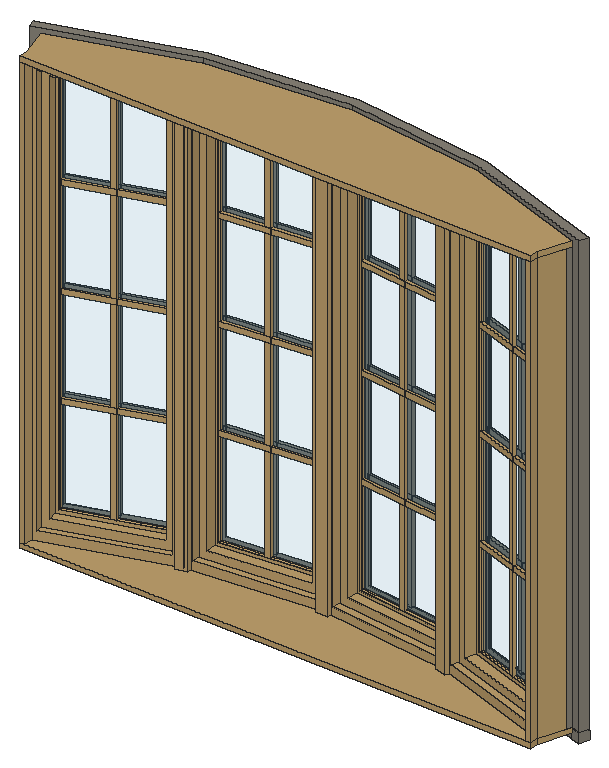
Revit family
Parameters (values of type "CUCABB_BOW_4W")
  Window Type = "Clad Ultimate Casement Bow-4 Wide"
  Void Offset_C3 = if(Casing Visibility, 0' 0", 0' 10")  # 0' - 0"
  Void Offset_SB = if(Sill Board Visibility, 0' 0 11/16", 0' 0")  # 0' - 0 11/16"
  Void Offset_S = if(Subsill A217 Visibility, 0' 1 11/32", if(Sill Board Visibility, 0' 0 11/16", if(Subsill A246 Visibility, 0' 0 9/16", 0' 0")))  # 0' - 1 11/32"
  Void Offset_HB = if(Head Board Visibility, 0' 0 11/16", 0' 0")  # 0' - 0 11/16"
  Void Offset_H = if(Flat Casing Visibility, 0' 3", if(BMC Visibility, 0' 1 5/16", if(Head Board Visibility, 0' 0 11/16", 0' 0")))  # 0' - 1 5/16"
  Void Offset_C2 = if(Flat Casing Visibility, 0' 3", 0' 1 5/16")  # 0' - 1 5/16"
  Void Offset_C = if(Casing Visibility, 0' 0", 0' 9")  # 0' - 0"
  Vent Area = VO Width * VO Height * 2  # 6.30513 SF
  VO Width = if(Unit Width < 1' 8", Unit Width - 0' 9 19/32", Unit Width - 0' 7 7/64")  # 0' - 8.40501"
  VO Height = Height Without Seat_Head Board - 0' 5 29/256"  # 4' - 6 3/256"
  Unit Width = Nominal Unit Width  # 1' - 5.99876"
  URL = "www.marvin.com"
  Subsill Height = if(Subsill A217 Visibility, 0' 1 11/32", 0' 0 9/16")  # 0' - 1 11/32"
  R = (Unit Width * cos(18.00°) + Unit Width * cos(6.00°)) * 2  # 5' - 10.036"
  Prairie Corner Width = 0' - 4"
  Prairie Corner Height = 0' - 4"
  Offset_3 [instance] = if(not(Casing Visibility), 0' 0 1/16", if(Inset to Installation Flange > 0' 0 9/16", 0' 1", 0' 0"))  # 0' - 1"
  Offset_2 [instance] = if(not(Casing Visibility), 0' 0 1/16", if(Inset to Installation Flange < 0' 1", 0' 1", 0' 0"))  # 0' - 0"
  Offset [instance] = 0' 4 9/16" - Casing Offset + Inset to Installation Flange  # 0' - 5 19/128"
  Nominal Unit Width = 1' - 5.99876"
  Muntins Interior Material = Wood-Marvin-Pine
  Muntins Exterior Material = Aluminum-Marvin-Bronze
  Lites Wide = 2
  Lite Cut Prairie 9 = no
  Lite Cut HV Grid = not(Lite Cut Prairie 9)  # yes
  Interior Material = Wood-Marvin-Pine
  Head Board Visibility = yes
  Sill Board Visibility = yes
  Projection = (Unit Width * sin(18.00°)) + (Unit Width * sin(6.00°)) + (0' 4 9/16" - (0' 4 9/16" * cos(18.00°)))  # 0' - 7.66661"
  Glazing Material = Glass-Marvin-IG Low E II with Argon
  Frame = "Aluminum Clad"
  Elevation Swing Visibility = yes
  Design Pressure = "DP50"
  Cladding Material = Aluminum-Marvin-Bronze
  Casing Width = if(BMC Visibility, 0' 1 5/16", 0' 3")  # 0' - 1 5/16"
  Casing Visibility = yes
  Subsill Visibility = yes
  Casing Offset = if(BMC Visibility, 0' 0 53/128", if(Flat Casing Visibility, 0' 0 15/16", 0' 0"))  # 0' - 0 53/128"
  BMC Visibility = and(Casing Visibility, BMC)  # yes
  Flat Casing Visibility = and(Casing Visibility, Flat Casing)  # no
  Subsill A246 Visibility = and(Subsill Visibility, Subsill A246)  # no
  Subsill A217 Visibility = and(Subsill Visibility, Subsill A217)  # yes
  BMC = yes
  Flat Casing = not(BMC)  # no
  Subsill A246 = no
  Subsill A217 = not(Subsill A246)  # yes
  Nominal Height = 5' - 0"
  Model = "CUCABB_BOW_4W"
  Manufacturer = "Marvin Windows and Doors"
  Lites High = 4
  Label Visibility = no
  Height With Seat_Head Board = Nominal Height + 0' 0 1/2"  # 5' - 0 1/2"
  Height Without Seat_Head Board = Nominal Height - 0' 0 7/8"  # 4' - 11 1/8"
  Glass Type = "IG Low E II with Argon"
  Family created by (URL) = "www.rbuiltcomponents.com"
  Rough Width = R + 0' 3 51/256"  # 6' - 1.23522"
  Rough Height = Height + 0' 0 1/2"  # 5' - 1"
  Muntins Interior Visibility = yes
  Muntins Exterior Visibility = yes
  Inset to Installation Flange [instance] = 0' - 1"
  Height = if(and(Head Board Visibility, Sill Board Visibility), Nominal Height + 0' 0 1/2", if(or(Head Board Visibility, Sill Board Visibility), Nominal Height - 0' 0 3/16", Nominal Height - 0' 0 7/8"))  # 5' - 0 1/2"
  Description = "CSMT BOW"
  Default Head Height = 8' - 0"
  Wall Closure = (empty or 0)
  Width = Rough Width  # 6' - 1.23522"
  Daylight Area = DLO Width * DLO Height * 4  # 18.0467 SF
  DLO Width = Unit Width - 0' 5 13/16"  # 1' - 0.18626"
  DLO Height = Height Without Seat_Head Board - 0' 5 13/16"  # 4' - 5 5/16"
  Assembly Code = ""
Reference planes (in)
  plane 1 "Center (Front/Back)": y = 6.53006
  plane 2: z = 0
  plane 3 "Center (Left/Right)": x = -3
  plane 4 "Sill": z = 36.1875
  plane 5 "Top": z = 95.3125
  plane 6 "Inset": y = 8.94412
  plane 7 "Jamb Ext Face": y = 4.38162
  plane 8: z = 65.75
  plane 9: y = 4.60037
  plane 10: x = -38.01995
  plane 11: x = 32.01995
  plane 12 "HB": z = 96
  plane 13 "SB": z = 35.5
  plane 14 "Offset_H": z = 96.625
  plane 15 "Offset_S": z = 34.84375
  plane 16 "Subsill": z = 34.84375
  plane 17 "Offset_HB": z = 96
  plane 18 "Offset_SB": z = 35.5
  plane 19 "Casing": z = 96.625
  plane 20 "Left": x = -39.61761
  plane 21 "Right": x = 33.61761
  plane 22: y = 16.61073
Forms (in)
  Extrusion 1, void
    sketch origin (0, 0, 36.1875) x (0, -1, 0) y (1, 0, 0)
      loop
        line (-4.60037, -38.01995) -> (-3.53006, -38.01995) -> (-3.53006, 32.01995) -> (-4.60037, 32.01995) -> (-4.60037, -38.01995)
    from -0.6875 to 59.8125
  Extrusion 2, void
    sketch origin (0, 0, 36.1875) x (0, -1, 0) y (1, 0, 0)
      loop
        line (-9.53006, -39.6217) -> (-4.60037, -38.01995) -> (-4.60037, 32.02426) -> (-9.53006, 33.62601) -> (-9.53006, -39.6217)
    from -1.34375 to 60.4375
  Extrusion 3, solid, material "Wood-Marvin-Pine" <- "Interior Material", visible <- "Head Board Visibility"
    sketch origin (0, 0, 95.3125) x (0, -1, 0) y (1, 0, 0)
      loop
        line (-4.61239, 32.01995) -> (-8.93957, 33.42594) -> (-14.64968, 15.85203) -> (-16.63131, -3.00195) -> (-14.64968, -21.85594) -> (-8.93957, -39.42984) -> (-4.60037, -38.01995) -> (-3.53006, -38.01995) -> (-3.53006, 32.01995) -> (-4.61239, 32.01995)
    from 0.6875 to 0
  Extrusion 4, void
    sketch origin (0, 0, 36.1875) x (0, -1, 0) y (1, 0, 0)
      loop
        line (-8.93957, 33.42594) -> (-8.53398, 34.6742) -> (-19.73421, 38.31337) -> (-20.1398, 37.06511) -> (-8.93957, 33.42594)
      loop
        line (-8.93957, -39.42984) -> (-20.35225, -43.13805) -> (-19.94666, -44.38631) -> (-8.53398, -40.6781) -> (-8.93957, -39.42984)
    from -1.34375 to 60.4375
  Sweep 5, solid, material "Aluminum-Marvin-Bronze" <- "Cladding Material", visible <- "Flat Casing Visibility"
    path in 3D
      loop
        line (-40.69018, 8.53006, 34.84375) -> (-40.69018, 8.53006, 96.625) -> (-21.85594, 14.64968, 96.625) -> (-3.00195, 16.63131, 96.625) -> (15.85203, 14.64968, 96.625) -> (34.68627, 8.53006, 96.625) -> (34.68627, 8.53006, 34.84375)
    profile "Flat_Casing_Clad : Flat_Casing_Clad" origin (-40.69018, 8.53006, 65.73438) x (1, 0, 0) y (0, 1, 0)
      loop
        line (2.53081, 1.97118) -> (-0.32236, 1.04412) -> (0.01562, 0.00391) -> (2.86879, 0.93096) -> (2.53081, 1.97118)
  Sweep 6, solid, material "Aluminum-Marvin-Bronze" <- "Cladding Material", visible <- "Subsill Visibility"
    path in 3D
      loop
        line (34.68627, 8.53006, 34.84375) -> (15.85203, 14.64968, 34.84375) -> (-3.00195, 16.63131, 34.84375) -> (-21.85594, 14.64968, 34.84375) -> (-40.69018, 8.53006, 34.84375)
    profile origin (25.26915, 11.58987, 34.84375) x (-0.309017, -0.951057, 0) y (0, 0, 1)
      loop
        line (0, 1.34375) -> (-1.09401, 1.34375) -> (-1.09401, 1.1911) -> (-1.34375, 1.15625) -> (-1.34375, 0) -> (0, 0) -> (0, 1.34375)
  Sweep 7, solid, material "Aluminum-Marvin-Bronze" <- "Cladding Material", visible <- "BMC Visibility"
    path in 3D
      loop
        line (-40.69018, 8.53006, 34.84375) -> (-40.69018, 8.53006, 96.625) -> (-21.85594, 14.64968, 96.625) -> (-3.00195, 16.63131, 96.625) -> (15.85203, 14.64968, 96.625) -> (34.68627, 8.53006, 96.625) -> (34.68627, 8.53006, 34.84375)
    profile "BMC_Clad : BMC_Clad" origin (-40.69018, 8.53006, 65.73438) x (1, 0, 0) y (0, 1, 0)
      loop
        line (0.19851, 1.37385) -> (-0.36891, 1.18949) -> (0.01736, 0.00067) -> (1.26562, 0.40625) -> (0.92764, 1.44647) -> (0.56547, 1.32879) -> (0.19851, 1.37385)
  Extrusion 8, solid, material "Wood-Marvin-Pine" <- "Interior Material", visible <- "Sill Board Visibility"
    sketch origin (0, 0, 36.1875) x (0, -1, 0) y (1, 0, 0)
      loop
        line (-4.61239, 32.01995) -> (-8.93957, 33.42594) -> (-14.64968, 15.85203) -> (-16.63131, -3.00195) -> (-14.64968, -21.85594) -> (-8.93957, -39.42984) -> (-4.60037, -38.01995) -> (-3.53006, -38.01995) -> (-3.53006, 32.01995) -> (-4.61239, 32.01995)
    from 0 to -0.6875
  Extrusion 9, void
    sketch origin (0.64293, -21.28742, 36.1875) x (0, -1, 0) y (1, 0, 0)
      loop
        line (-29.81748, 34.04334) -> (-35.9371, 15.2091) -> (-37.91873, -3.64488) -> (-35.9371, -22.49886) -> (-29.81748, -41.33311) -> (-29.81748, 34.04334)
    from -1.34375 to 60.4375
  Extrusion 10, solid, material "Wood-Marvin-Pine" <- "Interior Material"
    sketch origin (0.24962, 0.1264, 36.1875) x (0, -1, 0) y (1, 0, 0)
      loop
        line (-3.40366, -38.26958) -> (-3.40366, -37.67583) -> (-4.66689, -37.67583) -> (-4.47397, -38.26958) -> (-3.40366, -38.26958)
      loop
        line (-3.40366, 31.77033) -> (-4.4727, 31.77033) -> (-4.66546, 31.17708) -> (-3.40366, 31.17708) -> (-3.40366, 31.77033)
    from 0 to 59.125
Lines and regions (in)
  Masking region 1
    outline origin (-3, 7.5, 0) x (0, 1, 0) y (0, 0, 1)
      loop
        line (10.20431, 95.3125) -> (-3.96994, 95.3125) -> (-3.96994, 36.1875) -> (10.20431, 36.1875) -> (10.20431, 95.3125)
  Masking region 2, visible <- "BMC Visibility", detail levels fine
    outline origin (0, 0, 36.1875) x (0, -1, 0) y (1, 0, 0)
      loop
        line (-9.97653, -39.76254) -> (-9.85885, -40.12471) -> (-9.90391, -40.49167) -> (-9.71955, -41.05908) -> (-8.53072, -40.67281) -> (-8.93631, -39.42455) -> (-9.97653, -39.76254)
      loop
        line (-9.97653, 33.75863) -> (-8.93631, 33.42065) -> (-8.53072, 34.66891) -> (-9.71955, 35.05518) -> (-9.90391, 34.48776) -> (-9.85885, 34.1208) -> (-9.97653, 33.75863)
  Masking region 3, visible <- "Flat Casing Visibility", detail levels fine
    outline origin (0, 0, 36.1875) x (0, -1, 0) y (1, 0, 0)
      loop
        line (-8.53397, -40.67455) -> (-9.46102, -37.82138) -> (-10.50124, -38.15937) -> (-9.57418, -41.01254) -> (-8.53397, -40.67455)
      loop
        line (-8.53417, 34.67003) -> (-9.57439, 35.00801) -> (-10.50124, 32.15546) -> (-9.46102, 31.81748) -> (-8.53417, 34.67003)
  Masking region 4, visible <- "Subsill Visibility"
    outline origin (-47.00977, 0, 0) x (0, -1, 0) y (0, 0, 1)
      loop
        line (-4.60037, 36.1875) -> (-17.73134, 36.1875) -> (-17.73134, 36.03485) -> (-17.98246, 36) -> (-17.98246, 34.84375) -> (-4.60037, 34.84375) -> (-4.60037, 36.1875)
  Masking region 5, visible <- "Sill Board Visibility"
    outline origin (-47.00977, 0, 0) x (0, -1, 0) y (0, 0, 1)
      loop
        line (-16.61073, 36.1875) -> (-16.61073, 35.5) -> (-3.53006, 35.5) -> (-3.53006, 36.1875) -> (-16.61073, 36.1875)
  Masking region 6, visible <- "Casing Visibility"
    outline origin (-47.00977, 0, 0) x (0, -1, 0) y (0, 0, 1)
      loop
        line (-17.70474, 96.625) -> (-17.70474, 95.3125) -> (-4.60037, 95.3125) -> (-4.60037, 96.625) -> (-17.70474, 96.625)
  Masking region 7, visible <- "Head Board Visibility"
    outline origin (-47.00977, 0, 0) x (0, -1, 0) y (0, 0, 1)
      loop
        line (-16.61073, 96) -> (-16.61073, 95.3125) -> (-3.53006, 95.3125) -> (-3.53006, 96) -> (-16.61073, 96)
  Masking region 8, visible <- "BMC Visibility", detail levels coarse+medium
    outline origin (0, 0, 36.1875) x (0, -1, 0) y (1, 0, 0)
      loop
        line (-9.97653, -39.76254) -> (-9.85885, -40.12471) -> (-9.90391, -40.49167) -> (-9.71955, -41.05908) -> (-8.53072, -40.67281) -> (-8.93631, -39.42455) -> (-9.97653, -39.76254)
      loop
        line (-9.97653, 33.75863) -> (-8.93631, 33.42065) -> (-8.53072, 34.66891) -> (-9.71955, 35.05518) -> (-9.90391, 34.48776) -> (-9.85885, 34.1208) -> (-9.97653, 33.75863)
  Masking region 9, visible <- "Flat Casing Visibility", detail levels coarse+medium
    outline origin (0, 0, 36.1875) x (0, -1, 0) y (1, 0, 0)
      loop
        line (-8.53397, -40.67455) -> (-9.46102, -37.82138) -> (-10.50124, -38.15937) -> (-9.57418, -41.01254) -> (-8.53397, -40.67455)
      loop
        line (-8.53397, 34.67065) -> (-9.57418, 35.00863) -> (-10.50124, 32.15546) -> (-9.46102, 31.81748) -> (-8.53397, 34.67065)
  Masking region 10, visible <- "Sill Board Visibility"
    outline origin (0, 0, 36.1875) x (0, -1, 0) y (1, 0, 0)
      loop
        line (-4.60037, -38.01995) -> (-4.60037, 32.01605) -> (-10.16229, 14.89821) -> (-12.04368, -3.00195) -> (-10.16229, -20.90211) -> (-4.60037, -38.01995)
  Masking region 11
    outline origin (0, 0, 36.1875) x (0, -1, 0) y (1, 0, 0)
      loop
        line (-4.79329, -37.4262) -> (-10.16229, -20.90211) -> (-12.04368, -3.00195) -> (-10.16229, 14.89821) -> (-4.79186, 31.4267) -> (-3.53006, 31.4267) -> (-3.53006, 32.01995) -> (-4.61239, 32.01995) -> (-9.98003, 33.764) -> (-15.72567, 16.08074) -> (-17.73134, -3.00195) -> (-15.72567, -22.08465) -> (-9.98003, -39.76791) -> (-4.60037, -38.01995) -> (-3.53006, -38.01995) -> (-3.53006, -37.4262) -> (-4.79329, -37.4262)
  Masking region 12, visible <- "Sill Board Visibility"
    outline origin (0, 0, 36.1875) x (0, -1, 0) y (1, 0, 0)
      loop
        line (-3.53006, 32.01995) -> (-4.60037, 32.01995) -> (-4.60037, -38.01995) -> (-3.53006, -38.01995) -> (-3.53006, 32.01995)
  symbolic lines, style "WindowsFrameMullionProjection", detail levels coarse+medium
    curve 1: line (-3, 17.70474, 95.3125) -> (-3, 17.70474, 94.1245)
    curve 2: line (-3, 17.70474, 94.1245) -> (-3, 12.04874, 94.1245)
    curve 3: line (-3, 12.04874, 94.1245) -> (-3, 12.04874, 95.3125)
    curve 4: line (-3, 16.24474, 94.1245) -> (-3, 16.24474, 92.4165)
    curve 5: line (-3, 16.24474, 92.4165) -> (-3, 14.62374, 92.4165)
    curve 6: line (-3, 14.62374, 37.3755) -> (-3, 14.62374, 39.0835)
    curve 7: line (-3, 17.70482, 36.1875) -> (-3, 17.70482, 37.3755)
    curve 8: line (-3, 17.70482, 37.3755) -> (-3, 12.04874, 37.3755)
    curve 9: line (-3, 12.04874, 37.3755) -> (-3, 12.04874, 36.1875)
    curve 10: line (-3, 16.24474, 39.0835) -> (-3, 14.62374, 39.0835)
    curve 11: line (-3, 14.62374, 39.0835) -> (-3, 14.62374, 92.4165)
    curve 12: line (-3, 16.24474, 39.0835) -> (-3, 16.24474, 37.3755)
    curve 13: line (-3, 14.62374, 92.4165) -> (-3, 14.62374, 94.1245)
    curve 14: line (-3, 16.24474, 92.4165) -> (-3, 16.24474, 39.0835)
    curve 19: line (-47.00977, 17.73134, 36.1875) -> (-47.00977, 12.04874, 36.1875)
    curve 29: line (-47.00977, 12.04874, 95.3125) -> (-47.00977, 17.70474, 95.3125)
    curve 61: line (-37.4262, 3.53006, 36.1875) -> (-38.01995, 3.53006, 36.1875)
    curve 62: line (-37.4262, 4.79329, 36.1875) -> (-37.4262, 3.53006, 36.1875)
    curve 63: line (32.01995, 3.53006, 36.1875) -> (31.4267, 3.53006, 36.1875)
    curve 64: line (31.4267, 3.53006, 36.1875) -> (31.4267, 4.7925, 36.1875)
  symbolic lines, style "WindowsFrameMullionProjection"
    curve 15: line (-3, 12.04874, 37.3755) -> (-3, 12.04874, 94.1245)
    curve 42: line (-47.00977, 9.79567, 92.4165) -> (-47.00977, 8.78405, 92.4165)
    curve 43: line (-47.00977, 8.78405, 92.4165) -> (-47.00977, 8.78405, 39.0835)
    curve 44: line (-47.00977, 8.78405, 39.0835) -> (-47.00977, 9.79567, 39.0835)
    curve 45: line (-47.00977, 9.79567, 94.1245) -> (-47.00977, 4.96797, 94.1245)
    curve 46: line (-47.00977, 4.96797, 37.3755) -> (-47.00977, 9.79567, 37.3755)
    curve 47: line (-47.00977, 7.76113, 94.1245) -> (-47.00977, 7.76113, 37.3755)
    curve 48: line (-47.00977, 4.60086, 36.1875) -> (-47.00977, 4.60086, 95.3125)
    curve 49: line (-47.00977, 4.96797, 37.3755) -> (-47.00977, 4.96797, 94.1245)
    curve 50: line (-47.00977, 9.79567, 37.3755) -> (-47.00977, 9.79567, 94.1245)
    curve 56: line (-47.00977, 11.92, 94.1245) -> (-47.00977, 10.28698, 94.1245)
    curve 57: line (-47.00977, 10.28698, 37.3755) -> (-47.00977, 11.92, 37.3755)
    curve 58: line (-47.00977, 10.28698, 37.3755) -> (-47.00977, 10.28698, 94.1245)
    curve 59: line (-47.00977, 11.92, 37.3755) -> (-47.00977, 11.92, 94.1245)
    curve 60: line (-47.00977, 10.16278, 36.1875) -> (-47.00977, 10.16278, 95.3125)
  symbolic lines, style "WindowsGlassProjection", detail levels coarse+medium
    curve 16: line (-47.00977, 15.43424, 39.0835) -> (-47.00977, 15.43424, 92.4165)
  symbolic lines, style "Jamb Extension", visible <- "Subsill Visibility", detail levels fine
    curve 17: line (-47.00977, 17.98246, 34.84375) -> (-47.00977, 16.61073, 34.84375)
    curve 18: line (-47.00977, 16.61073, 34.84375) -> (-47.00977, 16.61073, 36.1875)
  symbolic lines, style "WindowsFrameMullionProjection", visible <- "Subsill Visibility", detail levels coarse+medium
    curve 20: line (-47.00977, 17.73134, 36.1875) -> (-47.00977, 17.73134, 36.03485)
    curve 21: line (-47.00977, 17.73134, 36.03485) -> (-47.00977, 17.98246, 36)
    curve 22: line (-47.00977, 17.98246, 36) -> (-47.00977, 17.98246, 34.84375)
    curve 23: line (-47.00977, 17.98246, 34.84375) -> (-47.00977, 16.61073, 34.84375)
    curve 24: line (-47.00977, 16.61073, 34.84375) -> (-47.00977, 16.61073, 36.1875)
  symbolic lines, style "WindowsFrameMullionProjection", visible <- "Sill Board Visibility", detail levels coarse+medium
    curve 25: line (-47.00977, 3.53006, 36.1875) -> (-47.00977, 16.61073, 36.1875)
    curve 26: line (-47.00977, 16.61073, 35.5) -> (-47.00977, 3.53006, 35.5)
    curve 27: line (-47.00977, 3.53006, 35.5) -> (-47.00977, 3.53006, 36.1875)
    curve 28: line (-47.00977, 16.61073, 36.1875) -> (-47.00977, 16.61073, 35.5)
  symbolic lines, style "WindowsFrameMullionProjection", visible <- "Head Board Visibility", detail levels coarse+medium
    curve 30: line (-47.00977, 16.61073, 96) -> (-47.00977, 3.53006, 96)
    curve 31: line (-47.00977, 16.61073, 95.3125) -> (-47.00977, 16.61073, 96)
    curve 32: line (-47.00977, 3.53006, 95.3125) -> (-47.00977, 16.61073, 95.3125)
    curve 33: line (-47.00977, 3.53006, 96) -> (-47.00977, 3.53006, 95.3125)
  symbolic lines, style "WindowsFrameMullionProjection", visible <- "Casing Visibility", detail levels coarse+medium
    curve 34: line (-47.00977, 17.70474, 96.625) -> (-47.00977, 16.61073, 96.625)
    curve 35: line (-47.00977, 17.70474, 95.3125) -> (-47.00977, 17.70474, 96.625)
    curve 36: line (-47.00977, 16.61073, 95.3125) -> (-47.00977, 17.70474, 95.3125)
    curve 37: line (-47.00977, 16.61073, 96.625) -> (-47.00977, 16.61073, 95.3125)
  symbolic lines, style "Jamb Extension", visible <- "Casing Visibility", detail levels fine
    curve 38: line (-47.00977, 17.70474, 96.625) -> (-47.00977, 16.61073, 96.625)
    curve 39: line (-47.00977, 17.70474, 95.3125) -> (-47.00977, 17.70474, 96.625)
    curve 40: line (-47.00977, 16.61073, 95.3125) -> (-47.00977, 17.70474, 95.3125)
    curve 41: line (-47.00977, 16.61073, 96.625) -> (-47.00977, 16.61073, 95.3125)
  symbolic lines, style "Elevation Swing", visible <- "Elevation Swing Visibility"
    curve 51: line (17.14172, 23.79764, 36.70855) -> (33.61831, 23.79764, 65.75)
    curve 52: line (33.61831, 23.79764, 65.75) -> (17.14172, 23.79764, 94.79145)
    curve 53: line (-23.14562, 23.79764, 36.70855) -> (-39.61831, 23.79764, 65.75)
    curve 54: line (-39.61831, 23.79764, 65.75) -> (-23.14562, 23.79764, 94.79145)
  reference lines
    curve 55: line (-38.01995, 4.60037, 36.1875) -> (32.01605, 4.60037, 36.1875)
    curve 65: line (-38.01995, 4.60037, 36.1875) -> (-20.90211, 10.16229, 36.1875)
    curve 66: line (32.01605, 4.60037, 36.1875) -> (14.89821, 10.16229, 36.1875)
    curve 67: line (-20.90211, 10.16229, 36.1875) -> (-3.00195, 12.04368, 36.1875)
    curve 68: line (14.89821, 10.16229, 36.1875) -> (-3.00195, 12.04368, 36.1875)
    curve 69: line (-38.01995, 4.60037, 36.1875) -> (-39.42984, 8.93957, 36.1875)
    curve 70: line (32.01605, 4.60037, 36.1875) -> (33.42594, 8.93957, 36.1875)
    curve 71: line (-21.85594, 14.64968, 36.1875) -> (-39.42984, 8.93957, 36.1875)
    curve 72: line (-3.00195, 16.63131, 36.1875) -> (-21.85594, 14.64968, 36.1875)
    curve 73: line (15.85203, 14.64968, 36.1875) -> (-3.00195, 16.63131, 36.1875)
    curve 74: line (33.42594, 8.93957, 36.1875) -> (15.85203, 14.64968, 36.1875)
  sketch lines
    curve 75: line (-40.69018, 8.53006, 34.84375) -> (-40.69018, 8.53006, 96.625)
    curve 76: line (-40.69018, 8.53006, 96.625) -> (-21.85594, 14.64968, 96.625)
    curve 77: line (-21.85594, 14.64968, 96.625) -> (-3.00195, 16.63131, 96.625)
    curve 78: line (-3.00195, 16.63131, 96.625) -> (15.85203, 14.64968, 96.625)
    curve 79: line (15.85203, 14.64968, 96.625) -> (34.68627, 8.53006, 96.625)
    curve 80: line (34.68627, 8.53006, 34.84375) -> (34.68627, 8.53006, 96.625)
    curve 81: line (-40.69018, 8.53006, 34.84375) -> (-40.69018, 8.53006, 96.625)
    curve 82: line (-40.69018, 8.53006, 96.625) -> (-21.85594, 14.64968, 96.625)
    curve 83: line (-21.85594, 14.64968, 96.625) -> (-3.00195, 16.63131, 96.625)
    curve 84: line (-3.00195, 16.63131, 96.625) -> (15.85203, 14.64968, 96.625)
    curve 85: line (15.85203, 14.64968, 96.625) -> (34.68627, 8.53006, 96.625)
    curve 86: line (34.68627, 8.53006, 34.84375) -> (34.68627, 8.53006, 96.625)
    curve 87: line (34.68627, 8.53006, 34.84375) -> (15.85203, 14.64968, 34.84375)
    curve 88: line (15.85203, 14.64968, 34.84375) -> (-3.00195, 16.63131, 34.84375)
    curve 89: line (-3.00195, 16.63131, 34.84375) -> (-21.85594, 14.64968, 34.84375)
    curve 90: line (-21.85594, 14.64968, 34.84375) -> (-40.69018, 8.53006, 34.84375)
Text (in)
  text "EXTERIOR" at (-58.6888, 50.90694, 0), in view "Ref. Level"
  text "INTERIOR" at (-58.6888, -37.76638, 0), in view "Ref. Level"
  text "Exterior" at (0, 43.65631, 123.19604), in view "Left"
  text "Exterior" at (0, 18.29385, 125.04747), in view "Right"
Dimensions and locks (in)
  "Height With Seat_Head Board": plane 13 "SB" to plane 12 "HB"
  "Offset": host wall to plane 7 "Jamb Ext Face"
  locked: plane 7 "Jamb Ext Face" to plane 6 "Inset" at 4.5625
  equal spacing: plane 4 "Sill", plane 8, plane 5 "Top"
  "Default Head Height": plane 2 to plane 12 "HB"
  locked: plane 7 "Jamb Ext Face" to plane 9 at 0.21875
  locked: plane 5 "Top" to plane 12 "HB" at 0.6875
  locked: plane 13 "SB" to plane 4 "Sill" at 0.6875
  "Void Offset_H": plane 14 "Offset_H" to plane 5 "Top"
  "Void Offset_S": plane 4 "Sill" to plane 15 "Offset_S"
  "Subsill Height": plane 16 "Subsill" to plane 4 "Sill"
  "Void Offset_HB": plane 5 "Top" to plane 17 "Offset_HB"
  "Void Offset_SB": plane 18 "Offset_SB" to plane 4 "Sill"
  locked: Masking region 5 sketch curve to plane 4 "Sill" at 0.6875
  locked: plane 5 "Top" to Masking region 7 sketch curve at 0.6875
  "Casing Width": plane 5 "Top" to plane 19 "Casing"
  locked: Sweep 6 sketch curve to Sweep 6 sketch curve at 1.34375
  equal spacing: plane 20 "Left", plane 3 "Center (Left/Right)", plane 21 "Right"
  "Rough Width": plane 20 "Left" to plane 21 "Right"
  locked: plane 20 "Left" to plane 10 at 1.59766
  plane 11 to plane 21 "Right" = 0' - 1 153/256"
  "Projection": plane 6 "Inset" to plane 22
  locked: Masking region 1 sketch curve to plane 22 at 1.09358
  "Unit Width": curve 65 to curve 65
  "Unit Width": curve 66 to curve 66
  "Unit Width": curve 67 to curve 67
  "Unit Width": curve 68 to curve 68
  "Void Offset_C2": Extrusion 4 sketch curve to Extrusion 4 sketch curve  (x2)
  locked: curve 65 to curve 71 at 4.5625
  locked: curve 67 to curve 72 at 4.5625
  locked: curve 73 to curve 68 at 4.5625
  locked: curve 74 to curve 66 at 4.5625
  equal spacing: curve 67, nested 6, curve 69
  equal spacing: curve 67, nested 9, curve 67
  equal spacing: curve 68, nested 10, curve 68
  equal spacing: curve 70, nested 8, curve 68
  "Casing Offset": Extrusion 9 sketch curve to plane 6 "Inset"
  locked: plane 10 to Extrusion 10 sketch curve at 0.59375
  locked: Extrusion 10 sketch curve to plane 11 at 0.59325
  locked: Sweep 6 sketch curve to Sweep 6 sketch curve at 0.03485
  equal spacing: Sweep 6 sketch curve, Sweep 6 sketch curve, plane 4 "Sill"
  "Void Offset_C3": Extrusion 4 sketch curve to curve 71
  locked: plane 22 to nested 1 at 9
  "Void Offset_C3": Extrusion 4 sketch curve to curve 74
  locked: Extrusion 2 sketch curve to curve 70 at 0.00781
  locked: curve 55 to curve 65 (angle 18.00°)
  locked: curve 66 to curve 55 (angle 18.00°)
  locked: curve 65 to curve 67 (angle 168.00°)
  angle curve 68 to curve 66 = 168.00°
  locked: curve 65 to curve 69 (angle 90.00°)
  angle curve 70 to curve 66 = 90.00°
  aligned and locked: Masking region 1 sketch curve to plane 5 "Top"
  aligned and locked: Masking region 1 sketch curve to plane 4 "Sill"
  aligned and locked: plane 3 "Center (Left/Right)" to nested 1
  aligned and locked: curve 8 to curve 15
  aligned and locked: Extrusion 1 sketch curve to plane 9
  aligned and locked: Extrusion 1 sketch curve to host wall
  aligned and locked: plane 10 to Extrusion 1 sketch curve
  aligned and locked: plane 11 to Extrusion 1 sketch curve
  aligned and locked: plane 9 to Extrusion 2 sketch curve
  aligned and locked: Extrusion 2 sketch curve to host wall
  aligned and locked: Extrusion 3 to plane 5 "Top"
  aligned and locked: Extrusion 3 to plane 12 "HB"
  aligned and locked: plane 15 "Offset_S" to Extrusion 2
  aligned and locked: Extrusion 4 to plane 14 "Offset_H"
  aligned and locked: Extrusion 2 to plane 14 "Offset_H"
  aligned and locked: Extrusion 1 to plane 17 "Offset_HB"
  aligned and locked: plane 18 "Offset_SB" to Extrusion 1
  aligned and locked: plane 15 "Offset_S" to Extrusion 4
  aligned and locked: nested 2 to plane 4 "Sill"
  aligned and locked: Masking region 1 sketch curve to host wall
  aligned and locked: curve 4 to nested 2
  aligned and locked: curve 13 to nested 2
  aligned and locked: curve 9 to nested 2
  aligned and locked: curve 5 to nested 2
  aligned and locked: curve 10 to nested 2
  aligned and locked: curve 10 to curve 16
  aligned and locked: curve 5 to curve 16
  aligned and locked: Masking region 4 sketch curve to plane 4 "Sill"
  aligned and locked: Masking region 5 sketch curve to host wall
  aligned and locked: Masking region 5 sketch curve to plane 4 "Sill"
  aligned and locked: nested 2 to curve 18
  aligned and locked: curve 19 to nested 2  (x2)
  aligned and locked: curve 25 to Masking region 5
  aligned and locked: curve 26 to Masking region 5
  aligned and locked: curve 27 to Masking region 5
  aligned and locked: curve 28 to Masking region 5
  aligned and locked: Masking region 6 sketch curve to plane 5 "Top"
  aligned and locked: Masking region 7 sketch curve to host wall
  aligned and locked: nested 2 to curve 29
  aligned and locked: curve 32 to Masking region 7
  aligned and locked: curve 33 to Extrusion 3
  aligned and locked: plane 5 "Top" to curve 36
  aligned and locked: curve 30 to Masking region 7
  aligned and locked: plane 19 "Casing" to Masking region 6 sketch curve
  aligned and locked: plane 19 "Casing" to curve 38
  aligned and locked: plane 8 to curve 51
  aligned and locked: plane 8 to curve 53
  aligned and locked: curve 29 to nested 2
  aligned and locked: plane 9 to Masking region 6 sketch curve
  aligned and locked: Masking region 4 sketch curve to plane 9
  aligned and locked: plane 1 "Center (Front/Back)" to host wall
  aligned and locked: plane 22 to nested 2
  aligned and locked: plane 22 to Masking region 7 sketch curve
  aligned and locked: plane 22 to Masking region 5 sketch curve
  aligned and locked: plane 4 "Sill" to Sweep 6 sketch curve
  aligned and locked: plane 5 "Top" to nested 5
  aligned and locked: plane 5 "Top" to nested 3
  aligned and locked: nested 4 to plane 5 "Top"
  aligned and locked: plane 4 "Sill" to nested 5
  aligned and locked: plane 4 "Sill" to nested 3
  aligned and locked: nested 4 to plane 4 "Sill"
  aligned and locked: curve 69 to Extrusion 4 sketch curve
  aligned and locked: Extrusion 2 sketch curve to curve 69
  aligned and locked: curve 72 to Extrusion 3 sketch curve
  aligned and locked: Extrusion 3 sketch curve to curve 73
  aligned and locked: Extrusion 3 sketch curve to curve 69
  aligned and locked: Extrusion 3 sketch curve to curve 71
  aligned and locked: Extrusion 3 sketch curve to curve 74
  aligned and locked: curve 70 to Extrusion 3 sketch curve
  aligned and locked: plane 10 to Extrusion 3 sketch curve
  aligned and locked: plane 11 to Extrusion 3 sketch curve
  aligned and locked: curve 72 to Extrusion 8 sketch curve
  aligned and locked: Extrusion 8 sketch curve to curve 73
  aligned and locked: Extrusion 8 sketch curve to curve 71
  aligned and locked: Extrusion 8 sketch curve to curve 74
  aligned and locked: plane 11 to Extrusion 8 sketch curve
  aligned and locked: curve 70 to Extrusion 8 sketch curve
  aligned and locked: plane 10 to Extrusion 8 sketch curve
  aligned and locked: Extrusion 8 sketch curve to curve 69
  aligned: Extrusion 8 to plane 4 "Sill"
  aligned: plane 13 "SB" to Extrusion 8
  aligned: nested 6 to Extrusion 8
  aligned: curve 69 to nested 6
  aligned and locked: nested 7 to plane 3 "Center (Left/Right)"
  aligned and locked: nested 7 to plane 9
  aligned and locked: nested 4 to nested 7
  aligned and locked: nested 6 to curve 71
  aligned and locked: nested 4 to curve 71
  aligned and locked: nested 6 to plane 5 "Top"
  aligned and locked: nested 8 to curve 74
  aligned and locked: nested 8 to curve 70
  aligned and locked: plane 5 "Top" to nested 8
  aligned and locked: nested 5 to nested 8
  aligned and locked: curve 74 to nested 5
  aligned and locked: nested 9 to curve 72
  aligned and locked: nested 9 to plane 5 "Top"
  aligned and locked: plane 5 "Top" to nested 10
  aligned and locked: curve 73 to nested 10
  aligned and locked: nested 3 to nested 10
  aligned and locked: curve 73 to nested 3
  aligned and locked: plane 16 "Subsill" to Sweep 6 sketch curve
  aligned and locked: Extrusion 9 sketch curve to curve 71
  aligned and locked: Extrusion 9 sketch curve to curve 72
  aligned and locked: Extrusion 9 sketch curve to curve 73
  aligned and locked: Extrusion 9 sketch curve to curve 74
  aligned and locked: Extrusion 9 to plane 14 "Offset_H"
  aligned: plane 15 "Offset_S" to Extrusion 9
  aligned and locked: nested 7 to curve 64
  aligned and locked: Masking region 2 sketch curve to Sweep 7  (x11)
  aligned and locked: Sweep 7 to Masking region 2 sketch curve
  aligned and locked: Masking region 8 sketch curve to Sweep 7  (x11)
  aligned and locked: Sweep 7 to Masking region 8 sketch curve
  aligned and locked: Masking region 9 sketch curve to Sweep 5  (x7)
  aligned and locked: Sweep 5 to Masking region 9 sketch curve
  aligned and locked: Masking region 3 sketch curve to Sweep 5  (x5)
  aligned and locked: Sweep 5 to Masking region 3 sketch curve  (x2)
  aligned and locked: Sweep 7 to Masking region 3 sketch curve
  aligned and locked: Masking region 10 sketch curve to curve 67
  aligned and locked: Masking region 10 sketch curve to curve 65
  aligned and locked: Masking region 10 sketch curve to curve 68
  aligned and locked: Masking region 10 sketch curve to curve 66
  aligned and locked: Masking region 11 sketch curve to curve 67
  aligned and locked: Masking region 11 sketch curve to curve 65
  aligned and locked: Masking region 11 sketch curve to plane 10
  aligned and locked: Masking region 11 sketch curve to curve 69
  aligned and locked: Masking region 11 sketch curve to curve 68
  aligned and locked: Masking region 11 sketch curve to curve 66
  aligned and locked: Masking region 11 sketch curve to plane 11
  aligned and locked: curve 70 to Masking region 11 sketch curve
  aligned and locked: host wall to Extrusion 10 sketch curve
  aligned and locked: Extrusion 10 sketch curve to curve 65
  aligned and locked: Extrusion 10 sketch curve to plane 11
  aligned and locked: Extrusion 10 sketch curve to host wall
  aligned and locked: Extrusion 10 sketch curve to curve 66
  aligned and locked: Extrusion 10 to plane 5 "Top"
  aligned and locked: plane 4 "Sill" to Extrusion 10
  aligned and locked: Masking region 11 sketch curve to Extrusion 10  (x2)
  aligned and locked: curve 64 to Extrusion 10
  aligned and locked: curve 62 to Extrusion 10
  aligned and locked: curve 1 to nested 2
  aligned and locked: curve 39 to curve 1
  aligned and locked: curve 41 to plane 22
  aligned and locked: nested 2 to Masking region 6 sketch curve
  aligned and locked: curve 53 to nested 6
  aligned and locked: curve 54 to nested 6
  aligned and locked: nested 8 to curve 52
  aligned and locked: curve 51 to nested 8
  aligned and locked: plane 16 "Subsill" to Extrusion 9
  aligned and locked: plane 16 "Subsill" to Masking region 4 sketch curve
  aligned and locked: plane 16 "Subsill" to curve 23
  aligned and locked: Masking region 11 sketch curve to Sweep 6  (x4)
  aligned and locked: nested 6 to curve 42
  aligned and locked: curve 44 to nested 6
  aligned and locked: curve 59 to nested 9
  aligned and locked: curve 58 to nested 9
  aligned and locked: curve 48 to nested 6
  aligned and locked: curve 49 to nested 6
  aligned and locked: curve 47 to nested 6
  aligned and locked: curve 50 to nested 6
  aligned and locked: curve 60 to nested 6
  aligned and locked: nested 6 to curve 43
  aligned and locked: curve 70 to Extrusion 4 sketch curve
  aligned and locked: Masking region 12 sketch curve to host wall
  aligned and locked: plane 10 to Masking region 12 sketch curve
  aligned and locked: Masking region 12 sketch curve to plane 11
  aligned and locked: Masking region 12 sketch curve to plane 9
  aligned and locked: Masking region 10 sketch curve to plane 9
Automatic sketch dimensions
  plane 5 "Top" to curve 1 = 0' - 0"
  plane 4 "Sill" to curve 7 = 0' - 0"
  plane 4 "Sill" to curve 9 = 0' - 0"
  plane 5 "Top" to curve 3 = 0' - 0"
  curve 1 to plane 22 = 0' - 1.09401"
  curve 7 to plane 22 = 0' - 1.09409"
  curve 9 to plane 4 "Sill" = 0' - 1.188"
  plane 5 "Top" to curve 3 = 0' - 1.188"
  host wall to curve 62 = 0' - 0"
  host wall to curve 63 = 0' - 0"
  curve 61 to plane 10 = 0' - 0"
  curve 63 to plane 11 = 0' - 0"
  plane 9 to curve 62 = 0' - 0.19292"
  curve 69 to plane 9 = 0' - 0"
  curve 65 to plane 10 = 0' - 0"
  host wall to Extrusion 3 sketch curve = 0' - 0"
  Extrusion 4 sketch curve to plane 22 = 0' - 3.12348"
  Extrusion 4 sketch curve to plane 22 = 0' - 3 43/128"
  curve 26 to plane 22 = 0' - 0"
  plane 4 "Sill" to curve 20 = 0' - 0.15265"
  curve 20 to plane 22 = 0' - 1.12061"
  curve 22 to curve 20 = 0' - 0.25112"
  plane 22 to curve 16 = 0' - 1.17649"
  plane 4 "Sill" to curve 22 = 0' - 0 3/16"
  curve 46 to plane 4 "Sill" = 0' - 1.188"
  curve 57 to plane 4 "Sill" = 0' - 1.188"
  plane 5 "Top" to curve 47 = 0' - 1.188"
  plane 5 "Top" to curve 56 = 0' - 1.188"
  plane 4 "Sill" to Masking region 4 sketch curve = 0' - 0.15265"
  Masking region 4 sketch curve to plane 22 = 0' - 1.12061"
  Masking region 4 sketch curve to Masking region 4 sketch curve = 0' - 0.25112"
  plane 4 "Sill" to Masking region 4 sketch curve = 0' - 0 3/16"
  Masking region 7 sketch curve to plane 5 "Top" = 0' - 0"
  plane 10 to curve 53 = 1' - 2.87433"
  curve 53 to plane 20 "Left" = 0' - 0.00071"
  plane 21 "Right" to curve 52 = 0' - 0.00071"
  curve 51 to plane 4 "Sill" = 0' - 0.52105"
  plane 5 "Top" to curve 54 = 0' - 0.52105"
  plane 5 "Top" to curve 52 = 0' - 0.52105"
  Sweep 6 sketch curve to profile plane = 0' - 0"
  Sweep 6 sketch curve to Sweep 6 sketch curve = 0' - 0.24974"
  Sweep 6 sketch curve to Sweep 6 sketch curve = 0' - 0 3/16"
  host wall to Extrusion 8 sketch curve = 0' - 0"
  host wall to Masking region 11 sketch curve = 0' - 0"  (x2)
  Extrusion 10 sketch curve to plane 9 = 0' - 0"
Nested families (in)
  nested 1: "Label Annotation 1-16 w4" at (-3, 25.61073, 0), visible <- "Label Visibility", type "Label Annotation 1-16 w4"
    with Nominal Width 6' - 1.23522"
  nested 2: "Bow_Section_Detail" at (-3, 16.61073, 36.1875) x (0, -1, 0) z (-1, 0, 0), type "Casement_Section_Detail", detail levels fine
  nested 3: "Mull_Bow" at (-2.52504, 16.58118, 35.3125) x (-0.9945, 0.1045, 0) z (0, 0, 1), type "Casing_Clad"
    with Height 4' - 11 1/8"
  nested 4: "Mull_Bow" at (-22.31024, 14.50206, 35.3125) x (0.9511, 0.309, 0) z (0, 0, 1), type "Casing_Clad"
    with Height 4' - 11 1/8"
  nested 5: "Mull_Bow" at (16.3081, 14.50149, 35.3125) x (-0.9511, 0.309, 0) z (0, 0, 1), type "Casing_Clad"
    with Height 4' - 11 1/8"
  nested 6: "Window-Casement-Marvin-Clad_Ultimate" at (-30.87092, 11.72053, -0.6875) x (0.9511, 0.309, 0) z (0, 0, 1), Unit Width <- "Unit Width", type "Window-Casement-Marvin-Clad_Ultimate Side"
    with Unit Width 1' - 5.99876", Elevation Swing RH yes, Elevation Swing LH no, DLO Width 1' - 0.18626", DLO Height 4' - 5 5/16", Lites Wide 2
  nested 7: "Bow_Plan_Detail" at (-3, 4.60037, 36.1875) x (-1, 0, 0) z (0, 0, -1), type "Casement_Plan_Detail"
    with Unit Width 1' - 5.99876"
  nested 8: "Window-Casement-Marvin-Clad_Ultimate" at (24.86702, 11.72053, -0.6875) x (-0.9511, 0.309, 0) z (0, 0, 1), Unit Width <- "Unit Width", type "Window-Casement-Marvin-Clad_Ultimate Side"
    with Unit Width 1' - 5.99876", Elevation Swing RH yes, Elevation Swing LH no, DLO Width 1' - 0.18626", DLO Height 4' - 5 5/16", Lites Wide 2
  nested 9: "Window-Casement-Marvin-Clad_Ultimate" at (-12.42894, 15.64049, -0.6875) x (0.9945, 0.1045, 0) z (0, 0, 1), Unit Width <- "Unit Width", type "Window-Casement-Marvin-Clad_Ultimate Center"
    with Unit Width 1' - 5.99876", Elevation Swing RH yes, Elevation Swing LH no, DLO Width 1' - 0.18626", DLO Height 4' - 5 5/16", Lites Wide 2
  nested 10: "Window-Casement-Marvin-Clad_Ultimate" at (6.42504, 15.64049, -0.6875) x (-0.9945, 0.1045, 0) z (0, 0, 1), Unit Width <- "Unit Width", type "Window-Casement-Marvin-Clad_Ultimate Center"
    with Unit Width 1' - 5.99876", Elevation Swing RH yes, Elevation Swing LH no, DLO Width 1' - 0.18626", DLO Height 4' - 5 5/16", Lites Wide 2
Definition of nested family "Mull_Bow"
  Parameters (values of type "Casing_Clad")
    Interior Material = Wood-Marvin-Pine
    Height [instance] = 4' - 0"
    Cladding Material = Aluminum-Marvin-Bronze
    Assembly Code = ""
  Reference planes (in)
    plane 1 "Center (Front/Back)": y = 0
    plane 2: z = 0
    plane 3 "Center (Left/Right)": x = 0
    plane 4: z = 60
    plane 5: z = 12
  Forms (in)
    Extrusion 1, solid, material "Wood-Marvin-Pine" <- "Interior Material"
      sketch origin (0, 0, 0) x (1, 0, 0) y (0, 1, 0)
        loop
          line (1.17595, 0.9699) -> (0.59447, 1.0935) -> (0, 1.0935) -> (0, -4.4375)
          arc (0, -4.4375) -> (-0.03661, -4.52589) -> (-0.125, -4.5625) r 0.125
          line (-0.125, -4.5625) -> (-0.875, -4.5625) -> (-0.875, -5.03291) -> (0.75806, -5.20457) -> (0.85588, -4.74442) -> (0.12217, -4.58847)
          arc (0.12217, -4.58847) -> (0.04469, -4.53633) -> (0.02497, -4.44504) r 0.125
          line (0.02497, -4.44504) -> (1.17595, 0.9699)
      from 12 to 60
  Dimensions and locks (in)
    "Height": plane 4 to plane 5
    aligned and locked: plane 4 to Extrusion 1
    aligned and locked: Extrusion 1 to plane 5
  Automatic sketch dimensions
    Extrusion 1 sketch curve to plane 3 "Center (Left/Right)" = 0' - 0"
    Extrusion 1 sketch curve to plane 3 "Center (Left/Right)" = 0' - 0 1/8"
    Extrusion 1 sketch curve to plane 3 "Center (Left/Right)" = 0' - 0 7/8"
    plane 3 "Center (Left/Right)" to Extrusion 1 sketch curve = 0' - 0.02497"
    plane 3 "Center (Left/Right)" to Extrusion 1 sketch curve = 0' - 0.12217"
    Extrusion 1 sketch curve to Extrusion 1 sketch curve = 0' - 0.02599"
    Extrusion 1 sketch curve to Extrusion 1 sketch curve = 0' - 0.59447"
    plane 3 "Center (Left/Right)" to Extrusion 1 sketch curve = 0' - 0.75806"
    Extrusion 1 sketch curve to Extrusion 1 sketch curve = 0' - 0.09782"
    Extrusion 1 sketch curve to Extrusion 1 sketch curve = 0' - 0.58148"
    plane 1 "Center (Front/Back)" to Extrusion 1 sketch curve = 0' - 5.20457"
    Extrusion 1 sketch curve to Extrusion 1 sketch curve = 0' - 0.17166"
    Extrusion 1 sketch curve to Extrusion 1 sketch curve = 0' - 0.46015"
    Extrusion 1 sketch curve to Extrusion 1 sketch curve = 0' - 0.15595"
    Extrusion 1 sketch curve to Extrusion 1 sketch curve = 0' - 0.02597"
    Extrusion 1 sketch curve to Extrusion 1 sketch curve = 0' - 0.12227"
    Extrusion 1 sketch curve to plane 1 "Center (Front/Back)" = 0' - 0.9699"
Definition of nested family "Window-Casement-Marvin-Clad_Ultimate"
  Parameters (values of type "Window-Casement-Marvin-Clad_Ultimate Center")
    Width = 0' - 0"
    Unit Width [instance] = 3' - 0"
    Prairie Corner Width = 0' - 4"
    Prairie Corner Height = 0' - 4"
    Muntins Interior Material = Wood-Marvin-Pine
    Muntins Exterior Material = Aluminum-Marvin-Bronze
    Lites Wide = 4
    Lites High = 4
    Lite Cut Prairie 9 = no
    Lite Cut HV Grid = yes
    Interior Grille = yes
    Interior Finish = Wood-Marvin-Pine
    Height = 4' - 11 1/8"
    Glazing Material = Glass-Marvin-IG Low E II with Argon
    Exterior Grille = yes
    Elevation Swing RH [instance] = yes
    Elevation Swing LH [instance] = no
    DLO Width [instance] = Unit Width - 0' 5 13/16"  # 2' - 6 3/16"
    DLO Height [instance] = Height - 0' 5 13/16"  # 4' - 5 5/16"
    Cladding Finish = Aluminum-Marvin-Bronze
    Assembly Code = ""
  Types (2): name | Unit Width | Muntins Interior Material | Muntins Exterior Material | Lites Wide | DLO Width
    Window-Casement-Marvin-Clad_Ultimate Side | 2' - 0" | none | none | 3 | 1' - 6 3/16"
    Window-Casement-Marvin-Clad_Ultimate Center | 3' - 0" | Wood-Marvin-Pine | Aluminum-Marvin-Bronze | 4 | 2' - 6 3/16"
  Reference planes (in)
    plane 1 "Center (Front/Back)": y = 0
    plane 2: z = 0
    plane 3 "Center (Left/Right)": x = 0
    plane 4: x = 18
    plane 5: x = -18
    plane 6 "Glazing": y = -0.75
    plane 7: y = -4.5625
    plane 8: z = 96
    plane 9: z = 36.875
    plane 10: z = 66.4375
  Forms (in)
    Sweep 1, solid, material "Aluminum-Marvin-Bronze" <- "Cladding Finish"
      path origin (0, -0.75, 0) x (1, 0, 0) y (0, 0, 1)
        loop
          line (-18, 36.875) -> (18, 36.875) -> (18, 96) -> (-18, 96) -> (-18, 36.875)
      profile "Profile_Ext_Clad_Frame : Profile_Ext_Clad_Frame" origin (0, -0.75, 36.875) x (0, 0, 1) y (0, -1, 0)
        loop
          line (0, 0) -> (0, -1.84401) -> (0.52105, -1.84401) -> (0.62315, -0.38401) -> (2.696, -0.38401) -> (2.696, -0.2654) -> (2.896, -0.0654) -> (2.896, 0) -> (0, 0)
    Sweep 2, solid, material "Wood-Marvin-Pine" <- "Interior Finish"
      path origin (0, -0.75, 0) x (1, 0, 0) y (0, 0, 1)
        loop
          line (18, 36.875) -> (18, 96) -> (-18, 96) -> (-18, 36.875) -> (18, 36.875)
      profile "Profile_Int_Frame : Profile_Int_Frame" origin (0, -0.75, 36.875) x (0, 0, -1) y (0, -1, 0)
        loop
          line (0, 0) -> (0, 3.81199) -> (-1.188, 3.81199) -> (-1.188, 2.71113) -> (-2.30184, 2.71113) -> (-2.30184, 1.23699) -> (-2.7085, 1.23699) -> (-2.7085, 1.13715) -> (-2.896, 0.94965) -> (-2.896, 0.75299) -> (-2.208, 0.75299) -> (-2.208, 0) -> (0, 0)
    Extrusion 3, solid, material "Glass-Marvin-IG Low E II with Argon" <- "Glazing Material"
      sketch origin (0, -0.75, 0) x (1, 0, 0) y (0, 0, 1)
        loop
          line (15.75, 93.75) -> (-15.75, 93.75) -> (-15.75, 39.125) -> (15.75, 39.125) -> (15.75, 93.75)
      from 0 to 0.75299
  Lines and regions (in)
    symbolic lines, style "Elevation Swing", visible <- "Elevation Swing RH"
      curve 1: line (17.37685, 0, 37.49815) -> (-17.37685, 0, 66.4375)
      curve 2: line (17.37685, 0, 95.37685) -> (-17.37685, 0, 66.4375)
    symbolic lines, style "Elevation Swing", visible <- "Elevation Swing LH"
      curve 3: line (-17.37685, 0, 37.49815) -> (17.37685, 0, 66.4375)
      curve 4: line (-17.37685, 0, 95.37685) -> (17.37685, 0, 66.4375)
  Dimensions and locks (in)
    equal spacing: plane 5, plane 3 "Center (Left/Right)", plane 4
    "Unit Width": plane 5 to plane 4
    locked: plane 6 "Glazing" to plane 1 "Center (Front/Back)" at 0.75
    locked: plane 7 to plane 1 "Center (Front/Back)" at 4.5625
    plane 2 to plane 8 = 8' - 0"
    "Height": plane 9 to plane 8
    equal spacing: plane 9, plane 10, plane 8
    locked: Extrusion 3 sketch curve to plane 8 at 2.25
    locked: plane 9 to Extrusion 3 sketch curve at 2.25
    locked: Extrusion 3 sketch curve to plane 5 at 2.25
    plane 4 to Extrusion 3 sketch curve = 0' - 2 1/4"
    locked: nested 1 to plane 6 "Glazing" at 0.76563
    aligned and locked: Sweep 1 sketch curve to plane 4
    aligned and locked: plane 9 to Sweep 1 sketch curve
    aligned and locked: plane 5 to Sweep 1 sketch curve
    aligned and locked: Sweep 1 sketch curve to plane 8
    aligned and locked: plane 9 to Sweep 2 sketch curve
    aligned and locked: Sweep 2 sketch curve to plane 8
    aligned and locked: Sweep 2 sketch curve to plane 4
    aligned and locked: plane 5 to Sweep 2 sketch curve
    aligned and locked: Extrusion 3 to plane 6 "Glazing"
    aligned and locked: Extrusion 3 to Sweep 2
    aligned and locked: plane 3 "Center (Left/Right)" to nested 1
    aligned and locked: plane 10 to nested 1
    aligned and locked: nested 2 to plane 10
    aligned and locked: nested 2 to plane 3 "Center (Left/Right)"
    aligned and locked: Sweep 1 to curve 3  (x2)
    aligned and locked: curve 4 to Sweep 1
    aligned and locked: curve 1 to Sweep 1
    aligned and locked: Sweep 1 to curve 1
    aligned and locked: Sweep 1 to curve 2
  Automatic sketch dimensions
    curve 2 to plane 10 = 0' - 0"
    curve 4 to plane 10 = 0' - 0"
    plane 9 to curve 1 = 0' - 0.62315"
    plane 9 to curve 3 = 0' - 0.62315"
    curve 4 to plane 8 = 0' - 0.62315"
    curve 2 to plane 8 = 0' - 0.62315"
  Nested families (in)
    nested 1: "Muntins" at (0, -1.51563, 3.78125), visible <- "Interior Grille", Muntin Material <- "Muntins Interior Material", type "Muntins"
      with Muntin Material Wood-Marvin-Pine, GlazingWidth 2' - 6 3/16", GlazingHeight 4' - 5 5/16", Width 2' - 6 5/8", VerticalMuntins 3, LitesVertical 4, LitesHorizontal 4, HorizontalMuntins 3, Height 4' - 5 3/4", Inset Vert 0' - 7 9/32", Inset Horiz 1' - 1 1/16"
    nested 2: "Muntins" at (0, -0.75, 3.78125), visible <- "Exterior Grille", Muntin Material <- "Muntins Exterior Material", type "Muntins"
      with Muntin Material Aluminum-Marvin-Bronze, GlazingWidth 2' - 6 3/16", GlazingHeight 4' - 5 5/16", Width 2' - 6 5/8", VerticalMuntins 3, LitesVertical 4, LitesHorizontal 4, HorizontalMuntins 3, Height 4' - 5 3/4", Inset Vert 0' - 7 9/32", Inset Horiz 1' - 1 1/16"
  Definition of nested family "Muntins"
    Parameters (values of type "Muntins")
      PrairieMuntVisible = no
      Prairie Corner Width = 0' - 4"
      Prairie Corner Height = 0' - 4"
      Muntin Extension = 0' - 0 7/16"
      GridMuntVisible = yes
      GlazingWidth = 2' - 0"
      GlazingHeight = 2' - 11 1/8"
      Width = GlazingWidth + Muntin Extension  # 2' - 0 7/16"
      VerticalMuntins = if(LitesHorizontal < 3, 2, LitesHorizontal - 1)  # 2
      VertMuntVisible = and(GridMuntVisible, LitesHorizontal > 2)  # yes
      MuntinWidth = 0' - 0 3/4"
      MuntinDepth [instance] = 0' - 0 3/8"
      Muntin Material [instance] = none
      LitesVertical = 3
      LitesHorizontal = 3
      HorizontalMuntins = if(LitesVertical < 3, 2, LitesVertical - 1)  # 2
      HorizMuntVisible = and(GridMuntVisible, LitesVertical > 2)  # yes
      Height = GlazingHeight + Muntin Extension  # 2' - 11 9/16"
      Inset Vert = if(LitesHorizontal < 3, (Width / 3) - (MuntinWidth / 2), (Width / LitesHorizontal) - (MuntinWidth / 2))  # 0' - 7.77083"
      Inset Horiz = if(LitesVertical < 3, (Height / 3) - (MuntinWidth / 2), (Height / LitesVertical) - (MuntinWidth / 2))  # 0' - 11.47917"
      CenterMuntinVertical = and(GridMuntVisible, LitesHorizontal = 2)  # no
      CenterMuntinHorizontal = and(GridMuntVisible, LitesVertical = 2)  # no
      Assembly Code = ""
    Reference planes (in)
      plane 1 "Center (Front/Back)": y = 0
      plane 2: z = 0
      plane 3 "Center (Left/Right)": x = 0
      plane 4: z = 35.78125
      plane 5: z = 53.5625
      plane 6: z = 71.34375
      plane 7: z = 59.86458
      plane 8: z = 47.26042
      plane 9: z = 71.125
      plane 10: z = 36
      plane 11: x = -12
      plane 12: x = 12
      plane 13: x = -4.44792
      plane 14: x = -12.21875
      plane 15: x = 12.21875
      plane 16: x = 4.44792
      plane 17: z = 67.125
      plane 18: z = 40
      plane 19: x = -8
      plane 20: x = 8
    Forms (in)
      Extrusion 1, solid, material <- "Muntin Material", visible <- "CenterMuntinVertical", detail levels medium+fine
        sketch origin (9, 0, 0) x (1, 0, 0) y (0, 0, 1)
          loop
            line (-9.375, 71.34375) -> (-9.375, 35.78125) -> (-8.625, 35.78125) -> (-8.625, 71.34375) -> (-9.375, 71.34375)
        from 0 to 0.375 <- "MuntinDepth"
      Extrusion 2, solid, material <- "Muntin Material", visible <- "CenterMuntinHorizontal", detail levels medium+fine
        sketch origin (-0.0013, 0, 14.6875) x (1, 0, 0) y (0, 0, 1)
          loop
            line (-12.21745, 39.25) -> (-12.21745, 38.5) -> (12.22005, 38.5) -> (12.22005, 39.25) -> (-12.21745, 39.25)
        from 0 to 0.375 <- "MuntinDepth"
      Extrusion 3, solid, material <- "Muntin Material", visible <- "VertMuntVisible", detail levels medium+fine
        sketch origin (4.92708, 0, -2.90625) x (1, 0, 0) y (0, 0, 1)
          loop
            line (-9.375, 74.25) -> (-9.375, 38.6875) -> (-8.625, 38.6875) -> (-8.625, 74.25) -> (-9.375, 74.25)
        from 0 to 0.375 <- "MuntinDepth"
      Extrusion 4, solid, material <- "Muntin Material", visible <- "HorizMuntVisible", detail levels medium+fine
        sketch origin (-3.09635, 0, 14.17708) x (1, 0, 0) y (0, 0, 1)
          loop
            line (-9.1224, 45.6875) -> (-9.1224, 44.9375) -> (15.3151, 44.9375) -> (15.3151, 45.6875) -> (-9.1224, 45.6875)
        from 0 to 0.375 <- "MuntinDepth"
      Extrusion 5, solid, material <- "Muntin Material", visible <- "HorizMuntVisible", detail levels medium+fine
        sketch origin (-3.09635, 0, 2.32292) x (1, 0, 0) y (0, 0, 1)
          loop
            line (-9.1224, 45.6875) -> (-9.1224, 44.9375) -> (15.3151, 44.9375) -> (15.3151, 45.6875) -> (-9.1224, 45.6875)
        from 0 to 0.375 <- "MuntinDepth"
      Extrusion 6, solid, material <- "Muntin Material", visible <- "VertMuntVisible", detail levels medium+fine
        sketch origin (13.07292, 0, -2.90625) x (1, 0, 0) y (0, 0, 1)
          loop
            line (-9.375, 74.25) -> (-9.375, 38.6875) -> (-8.625, 38.6875) -> (-8.625, 74.25) -> (-9.375, 74.25)
        from 0 to 0.375 <- "MuntinDepth"
      Extrusion 7, solid, material <- "Muntin Material", visible <- "PrairieMuntVisible", detail levels medium+fine
        sketch origin (1, 0, 0) x (1, 0, 0) y (0, 0, 1)
          loop
            line (-9, 71.34375) -> (-9, 35.78125) -> (-8.25, 35.78125) -> (-8.25, 71.34375) -> (-9, 71.34375)
        from 0 to 0.375 <- "MuntinDepth"
      Extrusion 8, solid, material <- "Muntin Material", visible <- "PrairieMuntVisible", detail levels medium+fine
        sketch origin (17, 0, 0) x (1, 0, 0) y (0, 0, 1)
          loop
            line (-9.75, 71.34375) -> (-9.75, 35.78125) -> (-9, 35.78125) -> (-9, 71.34375) -> (-9.75, 71.34375)
        from 0 to 0.375 <- "MuntinDepth"
      Extrusion 9, solid, material <- "Muntin Material", visible <- "PrairieMuntVisible", detail levels medium+fine
        sketch origin (-0.0013, 0, 28.25) x (1, 0, 0) y (0, 0, 1)
          loop
            line (-12.21745, 38.875) -> (-12.21745, 38.125) -> (12.22005, 38.125) -> (12.22005, 38.875) -> (-12.21745, 38.875)
        from 0 to 0.375 <- "MuntinDepth"
      Extrusion 10, solid, material <- "Muntin Material", visible <- "PrairieMuntVisible", detail levels medium+fine
        sketch origin (-0.0013, 0, 1.125) x (1, 0, 0) y (0, 0, 1)
          loop
            line (-12.21745, 39.625) -> (-12.21745, 38.875) -> (12.22005, 38.875) -> (12.22005, 39.625) -> (-12.21745, 39.625)
        from 0 to 0.375 <- "MuntinDepth"
    Cuts and joins
      joined: Extrusion 7, Extrusion 8, Extrusion 9, Extrusion 10
    Lines and regions (in)
      model lines, style "Muntins", visible <- "CenterMuntinHorizontal", detail levels coarse
        curve 1: line (-12.21875, 0, 53.5625) -> (12.21875, 0, 53.5625)
      model lines, style "Muntins", visible <- "HorizMuntVisible", detail levels coarse
        curve 2: line (-12.21875, 0, 59.48958) -> (12.21875, 0, 59.48958)
        curve 3: line (-12.21875, 0, 47.63542) -> (12.21875, 0, 47.63542)
      model lines, style "Muntins", visible <- "CenterMuntinVertical", detail levels coarse
        curve 4: line (0, 0, 71.34375) -> (0, 0, 35.78125)
      model lines, style "Muntins", visible <- "VertMuntVisible", detail levels coarse
        curve 5: line (-4.07292, 0, 71.34375) -> (-4.07292, 0, 35.78125)
        curve 6: line (4.07292, 0, 71.34375) -> (4.07292, 0, 35.78125)
      model lines, style "Muntins", visible <- "PrairieMuntVisible", detail levels coarse
        curve 7: line (-12.21875, 0, 66.75) -> (12.21875, 0, 66.75)
        curve 8: line (-12.21875, 0, 40.375) -> (12.21875, 0, 40.375)
        curve 9: line (-7.625, 0, 35.78125) -> (-7.625, 0, 71.34375)
        curve 10: line (7.625, 0, 35.78125) -> (7.625, 0, 71.34375)
    Dimensions and locks (in)
      "Inset Horiz": plane 6 to plane 7
      "Inset Horiz": plane 8 to plane 4
      equal spacing: plane 6, plane 5, plane 4
      "Height": plane 6 to plane 4
      "GlazingHeight": plane 9 to plane 10
      equal spacing: plane 9, plane 5, plane 10
      "GlazingWidth": plane 12 to plane 11
      equal spacing: plane 12, plane 3 "Center (Left/Right)", plane 11
      "MuntinWidth": Extrusion 1 sketch curve to Extrusion 1 sketch curve
      "Height": Extrusion 1 sketch curve to Extrusion 1 sketch curve
      "MuntinWidth": Extrusion 2 sketch curve to Extrusion 2 sketch curve
      "Width": Extrusion 2 sketch curve to Extrusion 2 sketch curve
      "MuntinWidth": Extrusion 3 sketch curve to Extrusion 3 sketch curve
      "Height": Extrusion 3 sketch curve to Extrusion 3 sketch curve
      "Width": plane 15 to plane 14
      equal spacing: plane 15, plane 3 "Center (Left/Right)", plane 14
      "Inset Vert": plane 13 to plane 14
      "Inset Vert": plane 15 to plane 16
      "MuntinWidth": Extrusion 4 sketch curve to Extrusion 4 sketch curve
      "Width": Extrusion 4 sketch curve to Extrusion 4 sketch curve
      "MuntinWidth": Extrusion 5 sketch curve to Extrusion 5 sketch curve
      "Width": Extrusion 5 sketch curve to Extrusion 5 sketch curve
      group 2 to group 3 = 0' - 0"  (x2)
      group 3 to group 2 = 0' - 11.85417"
      "MuntinWidth": Extrusion 6 sketch curve to Extrusion 6 sketch curve
      "Height": Extrusion 6 sketch curve to Extrusion 6 sketch curve
      group 4 to group 5 = 0' - 8.14583"
      group 4 to group 5 = 0' - 0"  (x2)
      "Prairie Corner Width": plane 19 to plane 11
      "Prairie Corner Width": plane 20 to plane 12
      "Prairie Corner Height": plane 9 to plane 17
      "Prairie Corner Height": plane 18 to plane 10
      "MuntinWidth": Extrusion 7 sketch curve to Extrusion 7 sketch curve
      "Height": Extrusion 7 sketch curve to Extrusion 7 sketch curve
      "MuntinWidth": Extrusion 8 sketch curve to Extrusion 8 sketch curve
      "Height": Extrusion 8 sketch curve to Extrusion 8 sketch curve
      "MuntinWidth": Extrusion 9 sketch curve to Extrusion 9 sketch curve
      "Width": Extrusion 9 sketch curve to Extrusion 9 sketch curve
      "MuntinWidth": Extrusion 10 sketch curve to Extrusion 10 sketch curve
      "Width": Extrusion 10 sketch curve to Extrusion 10 sketch curve
      aligned and locked: plane 6 to Extrusion 1  (x2)
      aligned and locked: Extrusion 1 to plane 4  (x3)
      aligned and locked: Extrusion 3 to plane 13  (x5)
      aligned and locked: Extrusion 3 to plane 4  (x3)
      aligned and locked: Extrusion 2 to plane 14
      aligned and locked: plane 15 to Extrusion 2
      aligned and locked: plane 6 to Extrusion 3
      aligned and locked: plane 7 to Extrusion 4
      aligned and locked: Extrusion 4 to plane 14
      aligned and locked: plane 15 to Extrusion 4
      aligned and locked: curve 1 to plane 5
      aligned and locked: plane 14 to curve 1
      aligned and locked: plane 15 to curve 1
      aligned and locked: Extrusion 5 to plane 14
      aligned and locked: Extrusion 5 to plane 8
      aligned and locked: plane 15 to Extrusion 5
      aligned and locked: Extrusion 5 to curve 3  (x2)
      aligned and locked: Extrusion 4 to curve 2  (x2)
      aligned and locked: curve 4 to plane 3 "Center (Left/Right)"
      aligned and locked: Extrusion 1 to curve 4  (x2)
      aligned and locked: Extrusion 3 to curve 5  (x2)
      aligned and locked: Extrusion 6 to curve 6  (x2)
      aligned and locked: Extrusion 6 to plane 16
      aligned and locked: plane 6 to Extrusion 6
      aligned and locked: plane 6 to curve 6
      aligned and locked: Extrusion 6 to plane 4
      aligned and locked: plane 4 to curve 6
      aligned and locked: cut or joined group of Extrusion 7, Extrusion 8, Extrusion 9, Extrusion 10 to plane 19
      aligned and locked: plane 20 to cut or joined group of Extrusion 7, Extrusion 8, Extrusion 9, Extrusion 10
      aligned and locked: plane 17 to cut or joined group of Extrusion 7, Extrusion 8, Extrusion 9, Extrusion 10
      aligned and locked: cut or joined group of Extrusion 7, Extrusion 8, Extrusion 9, Extrusion 10 to plane 18
      aligned and locked: cut or joined group of Extrusion 7, Extrusion 8, Extrusion 9, Extrusion 10 to curve 7  (x2)
      aligned and locked: cut or joined group of Extrusion 7, Extrusion 8, Extrusion 9, Extrusion 10 to curve 8  (x2)
      aligned and locked: cut or joined group of Extrusion 7, Extrusion 8, Extrusion 9, Extrusion 10 to curve 9  (x2)
